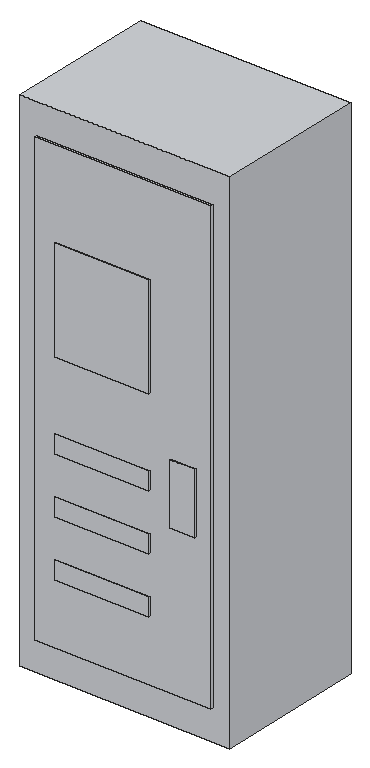
Revit family "GIS_AuxiliaryPanelDC", category Equipamento elétrico, Revit 2027
Family settings
  Configuração do painel = Duas colunas, circuitos transversais
  Cota do conector redondo = Utilizar diâmetro
  Tipo de parte = Painel de controle
  Com base no plano de trabalho = Não
  Sempre na vertical = Sim
  Corte com vazios quando carregada = Não
  Manter orientação da anotação = Não
  Compartilhado = Não
  Ponto de cálculo do ambiente = Não
Parameters (values of type "AUX_PANEL_125VDC_STUDY")
  Default Elevation = 0 mm
  built-in parameter 1140142 [instance] = (empty or 0)
  built-in parameter 1140140 [instance] = 1 (stored number, unit not read)
  BIM_TensaoSecundaria_kV = 0
  BIM_TensaoNominal_kV = 0.125
  BIM_TensaoClasse_kV = 0.125
  BIM_TensaoClasseSecundaria_kV = 0
  BIM_Sistema_Elemento [instance] = ""
  BIM_ReferenciaCatalogo = "Portfolio study assumption: 125 V DC; battery mission pending"
  BIM_Profundidade = 650 mm
  BIM_Potencia_MVA = 0
  BIM_Localizacao [instance] = ""
  BIM_Largura = 900 mm
  BIM_Impedancia_pu = 0
  BIM_FonteGeometria = "Portfolio study assumption: 125 V DC; battery mission pending"
  BIM_Fabricante = "NAO SELECIONADO"
  BIM_EstadoGeometria = "ESTIMATED"
  BIM_EstadoEspecificacao = "PREMISSA / NAO SELECIONADO"
  BIM_DescricaoEstudo = "Quadro de servicos auxiliares CC conceitual; 125 V e premissa nao aprovada."
  BIM_CorrenteReferenciaSecundaria_A = 0
  BIM_CorrenteNominal_A = 0
  BIM_Bay [instance] = ""
  BIM_AlturaCorpoPrincipal = 2200 mm
  BIM_Altura = 2200 mm
  built-in parameter 1155100 [instance] = (empty or 0)
Reference planes
  plane 1 "Centro (Frente/Trás)": y = 0
  plane 2: z = 0
  plane 3 "Centro (Esquerda/Direita)": x = 0
  plane 4 "BIM Left": x = -450
  plane 5 "BIM Right": x = 450
  plane 6 "BIM Front": y = -325
  plane 7 "BIM Back": y = 325
Forms (mm)
  Extrusion 1, solid
    sketch origin (0, 0, 0) x (1, 0, 0) y (0, 1, 0)
      loop
        line (-450, -325) -> (450, -325) -> (450, 325) -> (-450, 325) -> (-450, -325)
    from 0 to 2200 <- "BIM_AlturaCorpoPrincipal"
  Extrusion 2, solid
    sketch origin (0, 0, 132) x (1, 0, 0) y (0, 1, 0)
      loop
        line (-378, -337.192) -> (378, -337.192) -> (378, -325) -> (-378, -325) -> (-378, -337.192)
    from 0 to 1936
  Extrusion 3, solid
    sketch origin (0, 0, 1254) x (1, 0, 0) y (0, 1, 0)
      loop
        line (-288, -343.288) -> (117, -343.288) -> (117, -325) -> (-288, -325) -> (-288, -343.288)
    from 0 to 440
  Extrusion 4, solid
    sketch origin (0, 0, 396) x (1, 0, 0) y (0, 1, 0)
      loop
        line (-288, -341.764) -> (117, -341.764) -> (117, -325) -> (-288, -325) -> (-288, -341.764)
    from 0 to 77
  Extrusion 5, solid
    sketch origin (0, 0, 638) x (1, 0, 0) y (0, 1, 0)
      loop
        line (-288, -341.764) -> (117, -341.764) -> (117, -325) -> (-288, -325) -> (-288, -341.764)
    from 0 to 77
  Extrusion 6, solid
    sketch origin (0, 0, 880) x (1, 0, 0) y (0, 1, 0)
      loop
        line (-288, -341.764) -> (117, -341.764) -> (117, -325) -> (-288, -325) -> (-288, -341.764)
    from 0 to 77
  Extrusion 7, solid
    sketch origin (0, 0, 770) x (1, 0, 0) y (0, 1, 0)
      loop
        line (207, -341.764) -> (315, -341.764) -> (315, -325) -> (207, -325) -> (207, -341.764)
    from 0 to 264
Dimensions and locks
  "BIM_Largura": plane 4 "BIM Left" to plane 5 "BIM Right"
  "BIM_Profundidade": plane 6 "BIM Front" to plane 7 "BIM Back"
  aligned and locked: level to plane 2
  aligned and locked: plane 4 "BIM Left" to Extrusion 1
  aligned and locked: Extrusion 1 to plane 5 "BIM Right"
  aligned and locked: Extrusion 1 to plane 6 "BIM Front"
  aligned and locked: plane 7 "BIM Back" to Extrusion 1
Automatic sketch dimensions
  Extrusion 1 sketch curve to plane 4 "BIM Left" = 0 mm
  Extrusion 1 sketch curve to plane 5 "BIM Right" = 0 mm
  Extrusion 1 sketch curve to plane 6 "BIM Front" = 0 mm
  Extrusion 1 sketch curve to plane 7 "BIM Back" = 0 mm
  Extrusion 2 sketch curve to plane 6 "BIM Front" = 0 mm
  Extrusion 2 sketch curve to plane 6 "BIM Front" = 12.192 mm
  Extrusion 2 sketch curve to plane 4 "BIM Left" = 72 mm
  plane 5 "BIM Right" to Extrusion 2 sketch curve = 72 mm
  Extrusion 3 sketch curve to plane 6 "BIM Front" = 0 mm
  Extrusion 3 sketch curve to plane 6 "BIM Front" = 18.288 mm
  Extrusion 3 sketch curve to plane 4 "BIM Left" = 162 mm
  plane 3 "Centro (Esquerda/Direita)" to Extrusion 3 sketch curve = 117 mm
  Extrusion 4 sketch curve to plane 6 "BIM Front" = 0 mm
  Extrusion 4 sketch curve to plane 6 "BIM Front" = 16.764 mm
  Extrusion 4 sketch curve to plane 4 "BIM Left" = 162 mm
  plane 3 "Centro (Esquerda/Direita)" to Extrusion 4 sketch curve = 117 mm
  Extrusion 5 sketch curve to plane 6 "BIM Front" = 0 mm
  Extrusion 5 sketch curve to plane 6 "BIM Front" = 16.764 mm
  Extrusion 5 sketch curve to plane 4 "BIM Left" = 162 mm
  plane 3 "Centro (Esquerda/Direita)" to Extrusion 5 sketch curve = 117 mm
  Extrusion 6 sketch curve to plane 6 "BIM Front" = 0 mm
  Extrusion 6 sketch curve to plane 6 "BIM Front" = 16.764 mm
  Extrusion 6 sketch curve to plane 4 "BIM Left" = 162 mm
  plane 3 "Centro (Esquerda/Direita)" to Extrusion 6 sketch curve = 117 mm
  Extrusion 7 sketch curve to plane 6 "BIM Front" = 0 mm
  Extrusion 7 sketch curve to plane 6 "BIM Front" = 16.764 mm
  plane 3 "Centro (Esquerda/Direita)" to Extrusion 7 sketch curve = 207 mm
  Extrusion 7 sketch curve to Extrusion 7 sketch curve = 108 mm
Connectors
  electrical at (-450, 0, 1100)
    settings: on Extrusion 1, index 1, voltage 125 V, apparent load 0 VA, apparent load phase1 0 VA, apparent load phase2 0 VA, apparent load phase3 0 VA, power factor 1, load classification "Outro", number of poles 2, system type 6, power factor state 1, is connector primary yes, connector utility no, sub classification motor no, connector description "Interface A; study port; circuit assignment is project-specific."
  electrical at (450, 0, 1100)
    settings: on Extrusion 1, index 2, voltage 125 V, apparent load 0 VA, apparent load phase1 0 VA, apparent load phase2 0 VA, apparent load phase3 0 VA, power factor 1, load classification "Outro", number of poles 2, system type 6, power factor state 1, is connector primary no, connector utility no, sub classification motor no, connector description "Interface B; study port; circuit assignment is project-specific."
